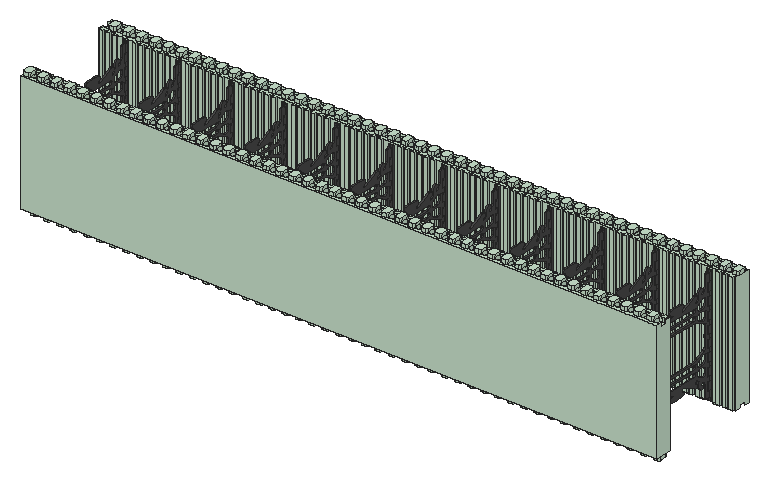
Revit family (continued)
Forms (mm)
  Extrusion 47, void
    sketch origin (2286, -76.261, 0) x (1, 0, 0) y (0, 1, 0)
      loop
        arc (50.8, -101.014) -> (50.362, -98.696) -> (49.108, -96.698) r 6.35
        arc (49.108, -96.698) -> (48.795, -96.199) -> (48.685, -95.62) r 1.588
        line (48.685, -95.62) -> (48.685, -86.829) -> (44.346, -86.829) -> (44.346, -92.457)
        arc (44.346, -92.457) -> (43.786, -93.668) -> (42.5, -94.024) r 1.587
        arc (42.5, -94.024) -> (36.091, -93.737) -> (29.796, -94.972) r 26.988
        arc (29.796, -94.972) -> (26.615, -97.278) -> (25.4, -101.014) r 6.35
        line (25.4, -101.014) -> (25.4, -124.411)
    from 457.2 to 444.5
  Extrusion 48, void
    sketch origin (2336.8, -76.261, 0) x (1, 0, 0) y (0, 1, 0)
      loop
        arc (25.4, -124.411) -> (26.615, -128.147) -> (29.796, -130.453) r 6.35
        arc (29.796, -130.453) -> (38.1, -131.763) -> (46.404, -130.453) r 26.987
        arc (46.404, -130.453) -> (49.585, -128.147) -> (50.8, -124.411) r 6.35
        line (50.8, -124.411) -> (50.8, -101.014)
        arc (50.8, -101.014) -> (50.362, -98.696) -> (49.108, -96.698) r 6.35
        arc (49.108, -96.698) -> (48.795, -96.199) -> (48.685, -95.62) r 1.588
        line (48.685, -95.62) -> (48.685, -86.829) -> (44.346, -86.829) -> (44.346, -92.457)
        arc (44.346, -92.457) -> (43.786, -93.668) -> (42.5, -94.024) r 1.587
        arc (42.5, -94.024) -> (36.091, -93.737) -> (29.796, -94.972) r 26.988
        arc (29.796, -94.972) -> (26.615, -97.278) -> (25.4, -101.014) r 6.35
        line (25.4, -101.014) -> (25.4, -124.411)
    from 457.2 to 444.5
  Extrusion 49, void
    sketch origin (2387.6, -76.261, 0) x (1, 0, 0) y (0, 1, 0)
      loop
        arc (25.4, -124.411) -> (26.615, -128.147) -> (29.796, -130.453) r 6.35
        arc (29.796, -130.453) -> (38.1, -131.763) -> (46.404, -130.453) r 26.987
        arc (46.404, -130.453) -> (49.585, -128.147) -> (50.8, -124.411) r 6.35
        line (50.8, -124.411) -> (50.8, -101.014)
        arc (50.8, -101.014) -> (50.362, -98.696) -> (49.108, -96.698) r 6.35
        arc (49.108, -96.698) -> (48.795, -96.199) -> (48.685, -95.62) r 1.588
        line (48.685, -95.62) -> (48.685, -86.829) -> (44.346, -86.829) -> (44.346, -92.457)
        arc (44.346, -92.457) -> (43.786, -93.668) -> (42.5, -94.024) r 1.587
        arc (42.5, -94.024) -> (36.091, -93.737) -> (29.796, -94.972) r 26.988
        arc (29.796, -94.972) -> (26.615, -97.278) -> (25.4, -101.014) r 6.35
        line (25.4, -101.014) -> (25.4, -124.411)
    from 457.2 to 444.5
  Extrusion 50, void
    sketch origin (2438.4, 76.139, 0) x (-1, 0, 0) y (0, -1, 0)
      loop
        arc (25.4, -124.411) -> (26.615, -128.147) -> (29.796, -130.453) r 6.35
        arc (29.796, -130.453) -> (38.1, -131.763) -> (46.404, -130.453) r 26.987
        arc (46.404, -130.453) -> (49.585, -128.147) -> (50.8, -124.411) r 6.35
        line (50.8, -124.411) -> (50.8, -101.014)
        arc (50.8, -101.014) -> (50.362, -98.696) -> (49.108, -96.698) r 6.35
        arc (49.108, -96.698) -> (48.795, -96.199) -> (48.685, -95.62) r 1.588
        line (48.685, -95.62) -> (48.685, -86.829) -> (44.346, -86.829) -> (44.346, -92.457)
        arc (44.346, -92.457) -> (43.786, -93.668) -> (42.5, -94.024) r 1.587
        arc (42.5, -94.024) -> (36.091, -93.737) -> (29.796, -94.972) r 26.988
        arc (29.796, -94.972) -> (26.615, -97.278) -> (25.4, -101.014) r 6.35
        line (25.4, -101.014) -> (25.4, -124.411)
    from 457.2 to 444.5
  Extrusion 51, void
    sketch origin (2387.6, 76.139, 0) x (-1, 0, 0) y (0, -1, 0)
      loop
        arc (25.4, -124.411) -> (26.615, -128.147) -> (29.796, -130.453) r 6.35
        arc (29.796, -130.453) -> (38.1, -131.763) -> (46.404, -130.453) r 26.987
        arc (46.404, -130.453) -> (49.585, -128.147) -> (50.8, -124.411) r 6.35
        line (50.8, -124.411) -> (50.8, -101.014)
        arc (50.8, -101.014) -> (50.362, -98.696) -> (49.108, -96.698) r 6.35
        arc (49.108, -96.698) -> (48.795, -96.199) -> (48.685, -95.62) r 1.588
        line (48.685, -95.62) -> (48.685, -86.829) -> (44.346, -86.829) -> (44.346, -92.457)
        arc (44.346, -92.457) -> (43.786, -93.668) -> (42.5, -94.024) r 1.587
        arc (42.5, -94.024) -> (36.091, -93.737) -> (29.796, -94.972) r 26.988
        arc (29.796, -94.972) -> (26.615, -97.278) -> (25.4, -101.014) r 6.35
        line (25.4, -101.014) -> (25.4, -124.411)
    from 457.2 to 444.5
  Extrusion 52, void
    sketch origin (2336.8, 76.139, 0) x (-1, 0, 0) y (0, -1, 0)
      loop
        arc (25.4, -124.411) -> (26.615, -128.147) -> (29.796, -130.453) r 6.35
        arc (29.796, -130.453) -> (38.1, -131.763) -> (46.404, -130.453) r 26.987
        arc (46.404, -130.453) -> (49.585, -128.147) -> (50.8, -124.411) r 6.35
        line (50.8, -124.411) -> (50.8, -101.014)
        arc (50.8, -101.014) -> (50.362, -98.696) -> (49.108, -96.698) r 6.35
        arc (49.108, -96.698) -> (48.795, -96.199) -> (48.685, -95.62) r 1.588
        line (48.685, -95.62) -> (48.685, -86.829) -> (44.346, -86.829) -> (44.346, -92.457)
        arc (44.346, -92.457) -> (43.786, -93.668) -> (42.5, -94.024) r 1.587
        arc (42.5, -94.024) -> (36.091, -93.737) -> (29.796, -94.972) r 26.988
        arc (29.796, -94.972) -> (26.615, -97.278) -> (25.4, -101.014) r 6.35
        line (25.4, -101.014) -> (25.4, -124.411)
    from 457.2 to 444.5
  Extrusion 53, void
    sketch origin (2286, 76.139, 0) x (-1, 0, 0) y (0, -1, 0)
      loop
        arc (25.4, -124.411) -> (26.615, -128.147) -> (29.796, -130.453) r 6.35
        arc (29.796, -130.453) -> (38.1, -131.763) -> (46.404, -130.453) r 26.987
        arc (46.404, -130.453) -> (49.585, -128.147) -> (50.8, -124.411) r 6.35
        line (50.8, -124.411) -> (50.8, -101.014)
        arc (50.8, -101.014) -> (50.362, -98.696) -> (49.108, -96.698) r 6.35
        arc (49.108, -96.698) -> (48.795, -96.199) -> (48.685, -95.62) r 1.588
        line (48.685, -95.62) -> (48.685, -86.829) -> (44.346, -86.829) -> (44.346, -92.457)
        arc (44.346, -92.457) -> (43.786, -93.668) -> (42.5, -94.024) r 1.587
        arc (42.5, -94.024) -> (36.091, -93.737) -> (29.796, -94.972) r 26.988
        arc (29.796, -94.972) -> (26.615, -97.278) -> (25.4, -101.014) r 6.35
        line (25.4, -101.014) -> (25.4, -124.411)
    from 457.2 to 444.5
  Extrusion 54, void
    sketch origin (2235.2, 76.139, 0) x (-1, 0, 0) y (0, -1, 0)
      loop
        arc (25.4, -124.411) -> (26.615, -128.147) -> (29.796, -130.453) r 6.35
        arc (29.796, -130.453) -> (38.1, -131.763) -> (46.404, -130.453) r 26.987
        arc (46.404, -130.453) -> (49.585, -128.147) -> (50.8, -124.411) r 6.35
        line (50.8, -124.411) -> (50.8, -101.014)
        arc (50.8, -101.014) -> (50.362, -98.696) -> (49.108, -96.698) r 6.35
        arc (49.108, -96.698) -> (48.795, -96.199) -> (48.685, -95.62) r 1.588
        line (48.685, -95.62) -> (48.685, -86.829) -> (44.346, -86.829) -> (44.346, -92.457)
        arc (44.346, -92.457) -> (43.786, -93.668) -> (42.5, -94.024) r 1.587
        arc (42.5, -94.024) -> (36.091, -93.737) -> (29.796, -94.972) r 26.988
        arc (29.796, -94.972) -> (26.615, -97.278) -> (25.4, -101.014) r 6.35
        line (25.4, -101.014) -> (25.4, -124.411)
    from 457.2 to 444.5
  Extrusion 55, void
    sketch origin (2184.4, 76.139, 0) x (-1, 0, 0) y (0, -1, 0)
      loop
        arc (25.4, -124.411) -> (26.615, -128.147) -> (29.796, -130.453) r 6.35
        arc (29.796, -130.453) -> (38.1, -131.763) -> (46.404, -130.453) r 26.987
        arc (46.404, -130.453) -> (49.585, -128.147) -> (50.8, -124.411) r 6.35
        line (50.8, -124.411) -> (50.8, -101.014)
        arc (50.8, -101.014) -> (50.362, -98.696) -> (49.108, -96.698) r 6.35
        arc (49.108, -96.698) -> (48.795, -96.199) -> (48.685, -95.62) r 1.588
        line (48.685, -95.62) -> (48.685, -86.829) -> (44.346, -86.829) -> (44.346, -92.457)
        arc (44.346, -92.457) -> (43.786, -93.668) -> (42.5, -94.024) r 1.587
        arc (42.5, -94.024) -> (36.091, -93.737) -> (29.796, -94.972) r 26.988
        arc (29.796, -94.972) -> (26.615, -97.278) -> (25.4, -101.014) r 6.35
        line (25.4, -101.014) -> (25.4, -124.411)
    from 457.2 to 444.5
  Extrusion 56, void
    sketch origin (2133.6, 76.139, 0) x (-1, 0, 0) y (0, -1, 0)
      loop
        arc (25.4, -124.411) -> (26.615, -128.147) -> (29.796, -130.453) r 6.35
        arc (29.796, -130.453) -> (38.1, -131.763) -> (46.404, -130.453) r 26.987
        arc (46.404, -130.453) -> (49.585, -128.147) -> (50.8, -124.411) r 6.35
        line (50.8, -124.411) -> (50.8, -101.014)
        arc (50.8, -101.014) -> (50.362, -98.696) -> (49.108, -96.698) r 6.35
        arc (49.108, -96.698) -> (48.795, -96.199) -> (48.685, -95.62) r 1.588
        line (48.685, -95.62) -> (48.685, -86.829) -> (44.346, -86.829) -> (44.346, -92.457)
        arc (44.346, -92.457) -> (43.786, -93.668) -> (42.5, -94.024) r 1.587
        arc (42.5, -94.024) -> (36.091, -93.737) -> (29.796, -94.972) r 26.988
        arc (29.796, -94.972) -> (26.615, -97.278) -> (25.4, -101.014) r 6.35
        line (25.4, -101.014) -> (25.4, -124.411)
    from 457.2 to 444.5
  Extrusion 57, void
    sketch origin (2082.8, 76.139, 0) x (-1, 0, 0) y (0, -1, 0)
      loop
        arc (25.4, -124.411) -> (26.615, -128.147) -> (29.796, -130.453) r 6.35
        arc (29.796, -130.453) -> (38.1, -131.763) -> (46.404, -130.453) r 26.987
        arc (46.404, -130.453) -> (49.585, -128.147) -> (50.8, -124.411) r 6.35
        line (50.8, -124.411) -> (50.8, -101.014)
        arc (50.8, -101.014) -> (50.362, -98.696) -> (49.108, -96.698) r 6.35
        arc (49.108, -96.698) -> (48.795, -96.199) -> (48.685, -95.62) r 1.588
        line (48.685, -95.62) -> (48.685, -86.829) -> (44.346, -86.829) -> (44.346, -92.457)
        arc (44.346, -92.457) -> (43.786, -93.668) -> (42.5, -94.024) r 1.587
        arc (42.5, -94.024) -> (36.091, -93.737) -> (29.796, -94.972) r 26.988
        arc (29.796, -94.972) -> (26.615, -97.278) -> (25.4, -101.014) r 6.35
        line (25.4, -101.014) -> (25.4, -124.411)
    from 457.2 to 444.5
  Extrusion 58, void
    sketch origin (2032, 76.139, 0) x (-1, 0, 0) y (0, -1, 0)
      loop
        arc (25.4, -124.411) -> (26.615, -128.147) -> (29.796, -130.453) r 6.35
        arc (29.796, -130.453) -> (38.1, -131.763) -> (46.404, -130.453) r 26.987
        arc (46.404, -130.453) -> (49.585, -128.147) -> (50.8, -124.411) r 6.35
        line (50.8, -124.411) -> (50.8, -101.014)
        arc (50.8, -101.014) -> (50.362, -98.696) -> (49.108, -96.698) r 6.35
        arc (49.108, -96.698) -> (48.795, -96.199) -> (48.685, -95.62) r 1.588
        line (48.685, -95.62) -> (48.685, -86.829) -> (44.346, -86.829) -> (44.346, -92.457)
        arc (44.346, -92.457) -> (43.786, -93.668) -> (42.5, -94.024) r 1.587
        arc (42.5, -94.024) -> (36.091, -93.737) -> (29.796, -94.972) r 26.988
        arc (29.796, -94.972) -> (26.615, -97.278) -> (25.4, -101.014) r 6.35
        line (25.4, -101.014) -> (25.4, -124.411)
    from 457.2 to 444.5
  Extrusion 59, void
    sketch origin (1981.2, 76.139, 0) x (-1, 0, 0) y (0, -1, 0)
      loop
        arc (25.4, -124.411) -> (26.615, -128.147) -> (29.796, -130.453) r 6.35
        arc (29.796, -130.453) -> (38.1, -131.763) -> (46.404, -130.453) r 26.987
        arc (46.404, -130.453) -> (49.585, -128.147) -> (50.8, -124.411) r 6.35
        line (50.8, -124.411) -> (50.8, -101.014)
        arc (50.8, -101.014) -> (50.362, -98.696) -> (49.108, -96.698) r 6.35
        arc (49.108, -96.698) -> (48.795, -96.199) -> (48.685, -95.62) r 1.588
        line (48.685, -95.62) -> (48.685, -86.829) -> (44.346, -86.829) -> (44.346, -92.457)
        arc (44.346, -92.457) -> (43.786, -93.668) -> (42.5, -94.024) r 1.587
        arc (42.5, -94.024) -> (36.091, -93.737) -> (29.796, -94.972) r 26.988
        arc (29.796, -94.972) -> (26.615, -97.278) -> (25.4, -101.014) r 6.35
        line (25.4, -101.014) -> (25.4, -124.411)
    from 457.2 to 444.5
  Extrusion 60, void
    sketch origin (1930.4, 76.139, 0) x (-1, 0, 0) y (0, -1, 0)
      loop
        arc (25.4, -124.411) -> (26.615, -128.147) -> (29.796, -130.453) r 6.35
        arc (29.796, -130.453) -> (38.1, -131.763) -> (46.404, -130.453) r 26.987
        arc (46.404, -130.453) -> (49.585, -128.147) -> (50.8, -124.411) r 6.35
        line (50.8, -124.411) -> (50.8, -101.014)
        arc (50.8, -101.014) -> (50.362, -98.696) -> (49.108, -96.698) r 6.35
        arc (49.108, -96.698) -> (48.795, -96.199) -> (48.685, -95.62) r 1.588
        line (48.685, -95.62) -> (48.685, -86.829) -> (44.346, -86.829) -> (44.346, -92.457)
        arc (44.346, -92.457) -> (43.786, -93.668) -> (42.5, -94.024) r 1.587
        arc (42.5, -94.024) -> (36.091, -93.737) -> (29.796, -94.972) r 26.988
        arc (29.796, -94.972) -> (26.615, -97.278) -> (25.4, -101.014) r 6.35
        line (25.4, -101.014) -> (25.4, -124.411)
    from 457.2 to 444.5
  Extrusion 61, void
    sketch origin (1879.6, 76.139, 0) x (-1, 0, 0) y (0, -1, 0)
      loop
        arc (25.4, -124.411) -> (26.615, -128.147) -> (29.796, -130.453) r 6.35
        arc (29.796, -130.453) -> (38.1, -131.763) -> (46.404, -130.453) r 26.987
        arc (46.404, -130.453) -> (49.585, -128.147) -> (50.8, -124.411) r 6.35
        line (50.8, -124.411) -> (50.8, -101.014)
        arc (50.8, -101.014) -> (50.362, -98.696) -> (49.108, -96.698) r 6.35
        arc (49.108, -96.698) -> (48.795, -96.199) -> (48.685, -95.62) r 1.588
        line (48.685, -95.62) -> (48.685, -86.829) -> (44.346, -86.829) -> (44.346, -92.457)
        arc (44.346, -92.457) -> (43.786, -93.668) -> (42.5, -94.024) r 1.587
        arc (42.5, -94.024) -> (36.091, -93.737) -> (29.796, -94.972) r 26.988
        arc (29.796, -94.972) -> (26.615, -97.278) -> (25.4, -101.014) r 6.35
        line (25.4, -101.014) -> (25.4, -124.411)
    from 457.2 to 444.5
  Extrusion 62, void
    sketch origin (1828.8, 76.139, 0) x (-1, 0, 0) y (0, -1, 0)
      loop
        arc (25.4, -124.411) -> (26.615, -128.147) -> (29.796, -130.453) r 6.35
        arc (29.796, -130.453) -> (38.1, -131.763) -> (46.404, -130.453) r 26.987
        arc (46.404, -130.453) -> (49.585, -128.147) -> (50.8, -124.411) r 6.35
        line (50.8, -124.411) -> (50.8, -101.014)
        arc (50.8, -101.014) -> (50.362, -98.696) -> (49.108, -96.698) r 6.35
        arc (49.108, -96.698) -> (48.795, -96.199) -> (48.685, -95.62) r 1.588
        line (48.685, -95.62) -> (48.685, -86.829) -> (44.346, -86.829) -> (44.346, -92.457)
        arc (44.346, -92.457) -> (43.786, -93.668) -> (42.5, -94.024) r 1.587
        arc (42.5, -94.024) -> (36.091, -93.737) -> (29.796, -94.972) r 26.988
        arc (29.796, -94.972) -> (26.615, -97.278) -> (25.4, -101.014) r 6.35
        line (25.4, -101.014) -> (25.4, -124.411)
    from 457.2 to 444.5
  Extrusion 63, void
    sketch origin (1778, 76.139, 0) x (-1, 0, 0) y (0, -1, 0)
      loop
        arc (25.4, -124.411) -> (26.615, -128.147) -> (29.796, -130.453) r 6.35
        arc (29.796, -130.453) -> (38.1, -131.763) -> (46.404, -130.453) r 26.987
        arc (46.404, -130.453) -> (49.585, -128.147) -> (50.8, -124.411) r 6.35
        line (50.8, -124.411) -> (50.8, -101.014)
        arc (50.8, -101.014) -> (50.362, -98.696) -> (49.108, -96.698) r 6.35
        arc (49.108, -96.698) -> (48.795, -96.199) -> (48.685, -95.62) r 1.588
        line (48.685, -95.62) -> (48.685, -86.829) -> (44.346, -86.829) -> (44.346, -92.457)
        arc (44.346, -92.457) -> (43.786, -93.668) -> (42.5, -94.024) r 1.587
        arc (42.5, -94.024) -> (36.091, -93.737) -> (29.796, -94.972) r 26.988
        arc (29.796, -94.972) -> (26.615, -97.278) -> (25.4, -101.014) r 6.35
        line (25.4, -101.014) -> (25.4, -124.411)
    from 457.2 to 444.5
  Extrusion 64, void
    sketch origin (1727.2, 76.139, 0) x (-1, 0, 0) y (0, -1, 0)
      loop
        arc (25.4, -124.411) -> (26.615, -128.147) -> (29.796, -130.453) r 6.35
        arc (29.796, -130.453) -> (38.1, -131.763) -> (46.404, -130.453) r 26.987
        arc (46.404, -130.453) -> (49.585, -128.147) -> (50.8, -124.411) r 6.35
        line (50.8, -124.411) -> (50.8, -101.014)
        arc (50.8, -101.014) -> (50.362, -98.696) -> (49.108, -96.698) r 6.35
        arc (49.108, -96.698) -> (48.795, -96.199) -> (48.685, -95.62) r 1.588
        line (48.685, -95.62) -> (48.685, -86.829) -> (44.346, -86.829) -> (44.346, -92.457)
        arc (44.346, -92.457) -> (43.786, -93.668) -> (42.5, -94.024) r 1.587
        arc (42.5, -94.024) -> (36.091, -93.737) -> (29.796, -94.972) r 26.988
        arc (29.796, -94.972) -> (26.615, -97.278) -> (25.4, -101.014) r 6.35
        line (25.4, -101.014) -> (25.4, -124.411)
    from 457.2 to 444.5
  Extrusion 65, void
    sketch origin (1676.4, 76.139, 0) x (-1, 0, 0) y (0, -1, 0)
      loop
        arc (25.4, -124.411) -> (26.615, -128.147) -> (29.796, -130.453) r 6.35
        arc (29.796, -130.453) -> (38.1, -131.763) -> (46.404, -130.453) r 26.987
        arc (46.404, -130.453) -> (49.585, -128.147) -> (50.8, -124.411) r 6.35
        line (50.8, -124.411) -> (50.8, -101.014)
        arc (50.8, -101.014) -> (50.362, -98.696) -> (49.108, -96.698) r 6.35
        arc (49.108, -96.698) -> (48.795, -96.199) -> (48.685, -95.62) r 1.588
        line (48.685, -95.62) -> (48.685, -86.829) -> (44.346, -86.829) -> (44.346, -92.457)
        arc (44.346, -92.457) -> (43.786, -93.668) -> (42.5, -94.024) r 1.587
        arc (42.5, -94.024) -> (36.091, -93.737) -> (29.796, -94.972) r 26.988
        arc (29.796, -94.972) -> (26.615, -97.278) -> (25.4, -101.014) r 6.35
        line (25.4, -101.014) -> (25.4, -124.411)
    from 457.2 to 444.5
  Extrusion 66, void
    sketch origin (1625.6, 76.139, 0) x (-1, 0, 0) y (0, -1, 0)
      loop
        arc (25.4, -124.411) -> (26.615, -128.147) -> (29.796, -130.453) r 6.35
        arc (29.796, -130.453) -> (38.1, -131.763) -> (46.404, -130.453) r 26.987
        arc (46.404, -130.453) -> (49.585, -128.147) -> (50.8, -124.411) r 6.35
        line (50.8, -124.411) -> (50.8, -101.014)
        arc (50.8, -101.014) -> (50.362, -98.696) -> (49.108, -96.698) r 6.35
        arc (49.108, -96.698) -> (48.795, -96.199) -> (48.685, -95.62) r 1.588
        line (48.685, -95.62) -> (48.685, -86.829) -> (44.346, -86.829) -> (44.346, -92.457)
        arc (44.346, -92.457) -> (43.786, -93.668) -> (42.5, -94.024) r 1.587
        arc (42.5, -94.024) -> (36.091, -93.737) -> (29.796, -94.972) r 26.988
        arc (29.796, -94.972) -> (26.615, -97.278) -> (25.4, -101.014) r 6.35
        line (25.4, -101.014) -> (25.4, -124.411)
    from 457.2 to 444.5
  Extrusion 67, void
    sketch origin (1574.8, 76.139, 0) x (-1, 0, 0) y (0, -1, 0)
      loop
        arc (25.4, -124.411) -> (26.615, -128.147) -> (29.796, -130.453) r 6.35
        arc (29.796, -130.453) -> (38.1, -131.763) -> (46.404, -130.453) r 26.987
        arc (46.404, -130.453) -> (49.585, -128.147) -> (50.8, -124.411) r 6.35
        line (50.8, -124.411) -> (50.8, -101.014)
        arc (50.8, -101.014) -> (50.362, -98.696) -> (49.108, -96.698) r 6.35
        arc (49.108, -96.698) -> (48.795, -96.199) -> (48.685, -95.62) r 1.588
        line (48.685, -95.62) -> (48.685, -86.829) -> (44.346, -86.829) -> (44.346, -92.457)
        arc (44.346, -92.457) -> (43.786, -93.668) -> (42.5, -94.024) r 1.587
        arc (42.5, -94.024) -> (36.091, -93.737) -> (29.796, -94.972) r 26.988
        arc (29.796, -94.972) -> (26.615, -97.278) -> (25.4, -101.014) r 6.35
        line (25.4, -101.014) -> (25.4, -124.411)
    from 457.2 to 444.5
  Extrusion 68, void
    sketch origin (1524, 76.139, 0) x (-1, 0, 0) y (0, -1, 0)
      loop
        arc (25.4, -124.411) -> (26.615, -128.147) -> (29.796, -130.453) r 6.35
        arc (29.796, -130.453) -> (38.1, -131.763) -> (46.404, -130.453) r 26.987
        arc (46.404, -130.453) -> (49.585, -128.147) -> (50.8, -124.411) r 6.35
        line (50.8, -124.411) -> (50.8, -101.014)
        arc (50.8, -101.014) -> (50.362, -98.696) -> (49.108, -96.698) r 6.35
        arc (49.108, -96.698) -> (48.795, -96.199) -> (48.685, -95.62) r 1.588
        line (48.685, -95.62) -> (48.685, -86.829) -> (44.346, -86.829) -> (44.346, -92.457)
        arc (44.346, -92.457) -> (43.786, -93.668) -> (42.5, -94.024) r 1.587
        arc (42.5, -94.024) -> (36.091, -93.737) -> (29.796, -94.972) r 26.988
        arc (29.796, -94.972) -> (26.615, -97.278) -> (25.4, -101.014) r 6.35
        line (25.4, -101.014) -> (25.4, -124.411)
    from 457.2 to 444.5
  Extrusion 69, void
    sketch origin (1473.2, 76.139, 0) x (-1, 0, 0) y (0, -1, 0)
      loop
        arc (25.4, -124.411) -> (26.615, -128.147) -> (29.796, -130.453) r 6.35
        arc (29.796, -130.453) -> (38.1, -131.763) -> (46.404, -130.453) r 26.987
        arc (46.404, -130.453) -> (49.585, -128.147) -> (50.8, -124.411) r 6.35
        line (50.8, -124.411) -> (50.8, -101.014)
        arc (50.8, -101.014) -> (50.362, -98.696) -> (49.108, -96.698) r 6.35
        arc (49.108, -96.698) -> (48.795, -96.199) -> (48.685, -95.62) r 1.588
        line (48.685, -95.62) -> (48.685, -86.829) -> (44.346, -86.829) -> (44.346, -92.457)
        arc (44.346, -92.457) -> (43.786, -93.668) -> (42.5, -94.024) r 1.587
        arc (42.5, -94.024) -> (36.091, -93.737) -> (29.796, -94.972) r 26.988
        arc (29.796, -94.972) -> (26.615, -97.278) -> (25.4, -101.014) r 6.35
        line (25.4, -101.014) -> (25.4, -124.411)
    from 457.2 to 444.5
  Extrusion 70, void
    sketch origin (1422.4, 76.139, 0) x (-1, 0, 0) y (0, -1, 0)
      loop
        arc (25.4, -124.411) -> (26.615, -128.147) -> (29.796, -130.453) r 6.35
        arc (29.796, -130.453) -> (38.1, -131.763) -> (46.404, -130.453) r 26.987
        arc (46.404, -130.453) -> (49.585, -128.147) -> (50.8, -124.411) r 6.35
        line (50.8, -124.411) -> (50.8, -101.014)
        arc (50.8, -101.014) -> (50.362, -98.696) -> (49.108, -96.698) r 6.35
        arc (49.108, -96.698) -> (48.795, -96.199) -> (48.685, -95.62) r 1.588
        line (48.685, -95.62) -> (48.685, -86.829) -> (44.346, -86.829) -> (44.346, -92.457)
        arc (44.346, -92.457) -> (43.786, -93.668) -> (42.5, -94.024) r 1.587
        arc (42.5, -94.024) -> (36.091, -93.737) -> (29.796, -94.972) r 26.988
        arc (29.796, -94.972) -> (26.615, -97.278) -> (25.4, -101.014) r 6.35
        line (25.4, -101.014) -> (25.4, -124.411)
    from 457.2 to 444.5
  Extrusion 71, void
    sketch origin (1371.6, 76.139, 0) x (-1, 0, 0) y (0, -1, 0)
      loop
        arc (25.4, -124.411) -> (26.615, -128.147) -> (29.796, -130.453) r 6.35
        arc (29.796, -130.453) -> (38.1, -131.763) -> (46.404, -130.453) r 26.987
        arc (46.404, -130.453) -> (49.585, -128.147) -> (50.8, -124.411) r 6.35
        line (50.8, -124.411) -> (50.8, -101.014)
        arc (50.8, -101.014) -> (50.362, -98.696) -> (49.108, -96.698) r 6.35
        arc (49.108, -96.698) -> (48.795, -96.199) -> (48.685, -95.62) r 1.588
        line (48.685, -95.62) -> (48.685, -86.829) -> (44.346, -86.829) -> (44.346, -92.457)
        arc (44.346, -92.457) -> (43.786, -93.668) -> (42.5, -94.024) r 1.587
        arc (42.5, -94.024) -> (36.091, -93.737) -> (29.796, -94.972) r 26.988
        arc (29.796, -94.972) -> (26.615, -97.278) -> (25.4, -101.014) r 6.35
        line (25.4, -101.014) -> (25.4, -124.411)
    from 457.2 to 444.5
  Extrusion 72, void
    sketch origin (1320.8, 76.139, 0) x (-1, 0, 0) y (0, -1, 0)
      loop
        arc (25.4, -124.411) -> (26.615, -128.147) -> (29.796, -130.453) r 6.35
        arc (29.796, -130.453) -> (38.1, -131.763) -> (46.404, -130.453) r 26.987
        arc (46.404, -130.453) -> (49.585, -128.147) -> (50.8, -124.411) r 6.35
        line (50.8, -124.411) -> (50.8, -101.014)
        arc (50.8, -101.014) -> (50.362, -98.696) -> (49.108, -96.698) r 6.35
        arc (49.108, -96.698) -> (48.795, -96.199) -> (48.685, -95.62) r 1.588
        line (48.685, -95.62) -> (48.685, -86.829) -> (44.346, -86.829) -> (44.346, -92.457)
        arc (44.346, -92.457) -> (43.786, -93.668) -> (42.5, -94.024) r 1.587
        arc (42.5, -94.024) -> (36.091, -93.737) -> (29.796, -94.972) r 26.988
        arc (29.796, -94.972) -> (26.615, -97.278) -> (25.4, -101.014) r 6.35
        line (25.4, -101.014) -> (25.4, -124.411)
    from 457.2 to 444.5
  Extrusion 73, void
    sketch origin (1270, 76.139, 0) x (-1, 0, 0) y (0, -1, 0)
      loop
        arc (25.4, -124.411) -> (26.615, -128.147) -> (29.796, -130.453) r 6.35
        arc (29.796, -130.453) -> (38.1, -131.763) -> (46.404, -130.453) r 26.987
        arc (46.404, -130.453) -> (49.585, -128.147) -> (50.8, -124.411) r 6.35
        line (50.8, -124.411) -> (50.8, -101.014)
        arc (50.8, -101.014) -> (50.362, -98.696) -> (49.108, -96.698) r 6.35
        arc (49.108, -96.698) -> (48.795, -96.199) -> (48.685, -95.62) r 1.588
        line (48.685, -95.62) -> (48.685, -86.829) -> (44.346, -86.829) -> (44.346, -92.457)
        arc (44.346, -92.457) -> (43.786, -93.668) -> (42.5, -94.024) r 1.587
        arc (42.5, -94.024) -> (36.091, -93.737) -> (29.796, -94.972) r 26.988
        arc (29.796, -94.972) -> (26.615, -97.278) -> (25.4, -101.014) r 6.35
        line (25.4, -101.014) -> (25.4, -124.411)
    from 457.2 to 444.5
  Extrusion 74, void
    sketch origin (1219.2, 76.139, 0) x (-1, 0, 0) y (0, -1, 0)
      loop
        arc (25.4, -124.411) -> (26.615, -128.147) -> (29.796, -130.453) r 6.35
        arc (29.796, -130.453) -> (38.1, -131.763) -> (46.404, -130.453) r 26.987
        arc (46.404, -130.453) -> (49.585, -128.147) -> (50.8, -124.411) r 6.35
        line (50.8, -124.411) -> (50.8, -101.014)
        arc (50.8, -101.014) -> (50.362, -98.696) -> (49.108, -96.698) r 6.35
        arc (49.108, -96.698) -> (48.795, -96.199) -> (48.685, -95.62) r 1.588
        line (48.685, -95.62) -> (48.685, -86.829) -> (44.346, -86.829) -> (44.346, -92.457)
        arc (44.346, -92.457) -> (43.786, -93.668) -> (42.5, -94.024) r 1.587
        arc (42.5, -94.024) -> (36.091, -93.737) -> (29.796, -94.972) r 26.988
        arc (29.796, -94.972) -> (26.615, -97.278) -> (25.4, -101.014) r 6.35
        line (25.4, -101.014) -> (25.4, -124.411)
    from 457.2 to 444.5
  Extrusion 75, void
    sketch origin (1168.4, 76.139, 0) x (-1, 0, 0) y (0, -1, 0)
      loop
        arc (25.4, -124.411) -> (26.615, -128.147) -> (29.796, -130.453) r 6.35
        arc (29.796, -130.453) -> (38.1, -131.763) -> (46.404, -130.453) r 26.987
        arc (46.404, -130.453) -> (49.585, -128.147) -> (50.8, -124.411) r 6.35
        line (50.8, -124.411) -> (50.8, -101.014)
        arc (50.8, -101.014) -> (50.362, -98.696) -> (49.108, -96.698) r 6.35
        arc (49.108, -96.698) -> (48.795, -96.199) -> (48.685, -95.62) r 1.588
        line (48.685, -95.62) -> (48.685, -86.829) -> (44.346, -86.829) -> (44.346, -92.457)
        arc (44.346, -92.457) -> (43.786, -93.668) -> (42.5, -94.024) r 1.587
        arc (42.5, -94.024) -> (36.091, -93.737) -> (29.796, -94.972) r 26.988
        arc (29.796, -94.972) -> (26.615, -97.278) -> (25.4, -101.014) r 6.35
        line (25.4, -101.014) -> (25.4, -124.411)
    from 457.2 to 444.5
  Extrusion 76, void
    sketch origin (1117.6, 76.139, 0) x (-1, 0, 0) y (0, -1, 0)
      loop
        arc (25.4, -124.411) -> (26.615, -128.147) -> (29.796, -130.453) r 6.35
        arc (29.796, -130.453) -> (38.1, -131.763) -> (46.404, -130.453) r 26.987
        arc (46.404, -130.453) -> (49.585, -128.147) -> (50.8, -124.411) r 6.35
        line (50.8, -124.411) -> (50.8, -101.014)
        arc (50.8, -101.014) -> (50.362, -98.696) -> (49.108, -96.698) r 6.35
        arc (49.108, -96.698) -> (48.795, -96.199) -> (48.685, -95.62) r 1.588
        line (48.685, -95.62) -> (48.685, -86.829) -> (44.346, -86.829) -> (44.346, -92.457)
        arc (44.346, -92.457) -> (43.786, -93.668) -> (42.5, -94.024) r 1.587
        arc (42.5, -94.024) -> (36.091, -93.737) -> (29.796, -94.972) r 26.988
        arc (29.796, -94.972) -> (26.615, -97.278) -> (25.4, -101.014) r 6.35
        line (25.4, -101.014) -> (25.4, -124.411)
    from 457.2 to 444.5
  Extrusion 77, void
    sketch origin (1066.8, 76.139, 0) x (-1, 0, 0) y (0, -1, 0)
      loop
        arc (25.4, -124.411) -> (26.615, -128.147) -> (29.796, -130.453) r 6.35
        arc (29.796, -130.453) -> (38.1, -131.763) -> (46.404, -130.453) r 26.987
        arc (46.404, -130.453) -> (49.585, -128.147) -> (50.8, -124.411) r 6.35
        line (50.8, -124.411) -> (50.8, -101.014)
        arc (50.8, -101.014) -> (50.362, -98.696) -> (49.108, -96.698) r 6.35
        arc (49.108, -96.698) -> (48.795, -96.199) -> (48.685, -95.62) r 1.588
        line (48.685, -95.62) -> (48.685, -86.829) -> (44.346, -86.829) -> (44.346, -92.457)
        arc (44.346, -92.457) -> (43.786, -93.668) -> (42.5, -94.024) r 1.587
        arc (42.5, -94.024) -> (36.091, -93.737) -> (29.796, -94.972) r 26.988
        arc (29.796, -94.972) -> (26.615, -97.278) -> (25.4, -101.014) r 6.35
        line (25.4, -101.014) -> (25.4, -124.411)
    from 457.2 to 444.5
  Extrusion 78, void
    sketch origin (1016, 76.139, 0) x (-1, 0, 0) y (0, -1, 0)
      loop
        arc (25.4, -124.411) -> (26.615, -128.147) -> (29.796, -130.453) r 6.35
        arc (29.796, -130.453) -> (38.1, -131.763) -> (46.404, -130.453) r 26.987
        arc (46.404, -130.453) -> (49.585, -128.147) -> (50.8, -124.411) r 6.35
        line (50.8, -124.411) -> (50.8, -101.014)
        arc (50.8, -101.014) -> (50.362, -98.696) -> (49.108, -96.698) r 6.35
        arc (49.108, -96.698) -> (48.795, -96.199) -> (48.685, -95.62) r 1.588
        line (48.685, -95.62) -> (48.685, -86.829) -> (44.346, -86.829) -> (44.346, -92.457)
        arc (44.346, -92.457) -> (43.786, -93.668) -> (42.5, -94.024) r 1.587
        arc (42.5, -94.024) -> (36.091, -93.737) -> (29.796, -94.972) r 26.988
        arc (29.796, -94.972) -> (26.615, -97.278) -> (25.4, -101.014) r 6.35
        line (25.4, -101.014) -> (25.4, -124.411)
    from 457.2 to 444.5
  Extrusion 79, void
    sketch origin (965.2, 76.139, 0) x (-1, 0, 0) y (0, -1, 0)
      loop
        arc (25.4, -124.411) -> (26.615, -128.147) -> (29.796, -130.453) r 6.35
        arc (29.796, -130.453) -> (38.1, -131.763) -> (46.404, -130.453) r 26.987
        arc (46.404, -130.453) -> (49.585, -128.147) -> (50.8, -124.411) r 6.35
        line (50.8, -124.411) -> (50.8, -101.014)
        arc (50.8, -101.014) -> (50.362, -98.696) -> (49.108, -96.698) r 6.35
        arc (49.108, -96.698) -> (48.795, -96.199) -> (48.685, -95.62) r 1.588
        line (48.685, -95.62) -> (48.685, -86.829) -> (44.346, -86.829) -> (44.346, -92.457)
        arc (44.346, -92.457) -> (43.786, -93.668) -> (42.5, -94.024) r 1.587
        arc (42.5, -94.024) -> (36.091, -93.737) -> (29.796, -94.972) r 26.988
        arc (29.796, -94.972) -> (26.615, -97.278) -> (25.4, -101.014) r 6.35
        line (25.4, -101.014) -> (25.4, -124.411)
    from 457.2 to 444.5
  Extrusion 80, void
    sketch origin (914.4, 76.139, 0) x (-1, 0, 0) y (0, -1, 0)
      loop
        arc (25.4, -124.411) -> (26.615, -128.147) -> (29.796, -130.453) r 6.35
        arc (29.796, -130.453) -> (38.1, -131.763) -> (46.404, -130.453) r 26.987
        arc (46.404, -130.453) -> (49.585, -128.147) -> (50.8, -124.411) r 6.35
        line (50.8, -124.411) -> (50.8, -101.014)
        arc (50.8, -101.014) -> (50.362, -98.696) -> (49.108, -96.698) r 6.35
        arc (49.108, -96.698) -> (48.795, -96.199) -> (48.685, -95.62) r 1.588
        line (48.685, -95.62) -> (48.685, -86.829) -> (44.346, -86.829) -> (44.346, -92.457)
        arc (44.346, -92.457) -> (43.786, -93.668) -> (42.5, -94.024) r 1.587
        arc (42.5, -94.024) -> (36.091, -93.737) -> (29.796, -94.972) r 26.988
        arc (29.796, -94.972) -> (26.615, -97.278) -> (25.4, -101.014) r 6.35
        line (25.4, -101.014) -> (25.4, -124.411)
    from 457.2 to 444.5
  Extrusion 81, void
    sketch origin (863.6, 76.139, 0) x (-1, 0, 0) y (0, -1, 0)
      loop
        arc (25.4, -124.411) -> (26.615, -128.147) -> (29.796, -130.453) r 6.35
        arc (29.796, -130.453) -> (38.1, -131.763) -> (46.404, -130.453) r 26.987
        arc (46.404, -130.453) -> (49.585, -128.147) -> (50.8, -124.411) r 6.35
        line (50.8, -124.411) -> (50.8, -101.014)
        arc (50.8, -101.014) -> (50.362, -98.696) -> (49.108, -96.698) r 6.35
        arc (49.108, -96.698) -> (48.795, -96.199) -> (48.685, -95.62) r 1.588
        line (48.685, -95.62) -> (48.685, -86.829) -> (44.346, -86.829) -> (44.346, -92.457)
        arc (44.346, -92.457) -> (43.786, -93.668) -> (42.5, -94.024) r 1.587
        arc (42.5, -94.024) -> (36.091, -93.737) -> (29.796, -94.972) r 26.988
        arc (29.796, -94.972) -> (26.615, -97.278) -> (25.4, -101.014) r 6.35
        line (25.4, -101.014) -> (25.4, -124.411)
    from 457.2 to 444.5
  Extrusion 82, void
    sketch origin (812.8, 76.139, 0) x (-1, 0, 0) y (0, -1, 0)
      loop
        arc (25.4, -124.411) -> (26.615, -128.147) -> (29.796, -130.453) r 6.35
        arc (29.796, -130.453) -> (38.1, -131.763) -> (46.404, -130.453) r 26.987
        arc (46.404, -130.453) -> (49.585, -128.147) -> (50.8, -124.411) r 6.35
        line (50.8, -124.411) -> (50.8, -101.014)
        arc (50.8, -101.014) -> (50.362, -98.696) -> (49.108, -96.698) r 6.35
        arc (49.108, -96.698) -> (48.795, -96.199) -> (48.685, -95.62) r 1.588
        line (48.685, -95.62) -> (48.685, -86.829) -> (44.346, -86.829) -> (44.346, -92.457)
        arc (44.346, -92.457) -> (43.786, -93.668) -> (42.5, -94.024) r 1.587
        arc (42.5, -94.024) -> (36.091, -93.737) -> (29.796, -94.972) r 26.988
        arc (29.796, -94.972) -> (26.615, -97.278) -> (25.4, -101.014) r 6.35
        line (25.4, -101.014) -> (25.4, -124.411)
    from 457.2 to 444.5
  Extrusion 83, void
    sketch origin (762, 76.139, 0) x (-1, 0, 0) y (0, -1, 0)
      loop
        arc (25.4, -124.411) -> (26.615, -128.147) -> (29.796, -130.453) r 6.35
        arc (29.796, -130.453) -> (38.1, -131.763) -> (46.404, -130.453) r 26.987
        arc (46.404, -130.453) -> (49.585, -128.147) -> (50.8, -124.411) r 6.35
        line (50.8, -124.411) -> (50.8, -101.014)
        arc (50.8, -101.014) -> (50.362, -98.696) -> (49.108, -96.698) r 6.35
        arc (49.108, -96.698) -> (48.795, -96.199) -> (48.685, -95.62) r 1.588
        line (48.685, -95.62) -> (48.685, -86.829) -> (44.346, -86.829) -> (44.346, -92.457)
        arc (44.346, -92.457) -> (43.786, -93.668) -> (42.5, -94.024) r 1.587
        arc (42.5, -94.024) -> (36.091, -93.737) -> (29.796, -94.972) r 26.988
        arc (29.796, -94.972) -> (26.615, -97.278) -> (25.4, -101.014) r 6.35
        line (25.4, -101.014) -> (25.4, -124.411)
    from 457.2 to 444.5
  Extrusion 84, void
    sketch origin (711.2, 76.139, 0) x (-1, 0, 0) y (0, -1, 0)
      loop
        arc (25.4, -124.411) -> (26.615, -128.147) -> (29.796, -130.453) r 6.35
        arc (29.796, -130.453) -> (38.1, -131.763) -> (46.404, -130.453) r 26.987
        arc (46.404, -130.453) -> (49.585, -128.147) -> (50.8, -124.411) r 6.35
        line (50.8, -124.411) -> (50.8, -101.014)
        arc (50.8, -101.014) -> (50.362, -98.696) -> (49.108, -96.698) r 6.35
        arc (49.108, -96.698) -> (48.795, -96.199) -> (48.685, -95.62) r 1.588
        line (48.685, -95.62) -> (48.685, -86.829) -> (44.346, -86.829) -> (44.346, -92.457)
        arc (44.346, -92.457) -> (43.786, -93.668) -> (42.5, -94.024) r 1.587
        arc (42.5, -94.024) -> (36.091, -93.737) -> (29.796, -94.972) r 26.988
        arc (29.796, -94.972) -> (26.615, -97.278) -> (25.4, -101.014) r 6.35
        line (25.4, -101.014) -> (25.4, -124.411)
    from 457.2 to 444.5
  Extrusion 85, void
    sketch origin (660.4, 76.139, 0) x (-1, 0, 0) y (0, -1, 0)
      loop
        arc (25.4, -124.411) -> (26.615, -128.147) -> (29.796, -130.453) r 6.35
        arc (29.796, -130.453) -> (38.1, -131.763) -> (46.404, -130.453) r 26.987
        arc (46.404, -130.453) -> (49.585, -128.147) -> (50.8, -124.411) r 6.35
        line (50.8, -124.411) -> (50.8, -101.014)
        arc (50.8, -101.014) -> (50.362, -98.696) -> (49.108, -96.698) r 6.35
        arc (49.108, -96.698) -> (48.795, -96.199) -> (48.685, -95.62) r 1.588
        line (48.685, -95.62) -> (48.685, -86.829) -> (44.346, -86.829) -> (44.346, -92.457)
        arc (44.346, -92.457) -> (43.786, -93.668) -> (42.5, -94.024) r 1.587
        arc (42.5, -94.024) -> (36.091, -93.737) -> (29.796, -94.972) r 26.988
        arc (29.796, -94.972) -> (26.615, -97.278) -> (25.4, -101.014) r 6.35
        line (25.4, -101.014) -> (25.4, -124.411)
    from 457.2 to 444.5
  Extrusion 86, void
    sketch origin (609.6, 76.139, 0) x (-1, 0, 0) y (0, -1, 0)
      loop
        arc (25.4, -124.411) -> (26.615, -128.147) -> (29.796, -130.453) r 6.35
        arc (29.796, -130.453) -> (38.1, -131.763) -> (46.404, -130.453) r 26.987
        arc (46.404, -130.453) -> (49.585, -128.147) -> (50.8, -124.411) r 6.35
        line (50.8, -124.411) -> (50.8, -101.014)
        arc (50.8, -101.014) -> (50.362, -98.696) -> (49.108, -96.698) r 6.35
        arc (49.108, -96.698) -> (48.795, -96.199) -> (48.685, -95.62) r 1.588
        line (48.685, -95.62) -> (48.685, -86.829) -> (44.346, -86.829) -> (44.346, -92.457)
        arc (44.346, -92.457) -> (43.786, -93.668) -> (42.5, -94.024) r 1.587
        arc (42.5, -94.024) -> (36.091, -93.737) -> (29.796, -94.972) r 26.988
        arc (29.796, -94.972) -> (26.615, -97.278) -> (25.4, -101.014) r 6.35
        line (25.4, -101.014) -> (25.4, -124.411)
    from 457.2 to 444.5
  Extrusion 87, void
    sketch origin (558.8, 76.139, 0) x (-1, 0, 0) y (0, -1, 0)
      loop
        arc (25.4, -124.411) -> (26.615, -128.147) -> (29.796, -130.453) r 6.35
        arc (29.796, -130.453) -> (38.1, -131.763) -> (46.404, -130.453) r 26.987
        arc (46.404, -130.453) -> (49.585, -128.147) -> (50.8, -124.411) r 6.35
        line (50.8, -124.411) -> (50.8, -101.014)
        arc (50.8, -101.014) -> (50.362, -98.696) -> (49.108, -96.698) r 6.35
        arc (49.108, -96.698) -> (48.795, -96.199) -> (48.685, -95.62) r 1.588
        line (48.685, -95.62) -> (48.685, -86.829) -> (44.346, -86.829) -> (44.346, -92.457)
        arc (44.346, -92.457) -> (43.786, -93.668) -> (42.5, -94.024) r 1.587
        arc (42.5, -94.024) -> (36.091, -93.737) -> (29.796, -94.972) r 26.988
        arc (29.796, -94.972) -> (26.615, -97.278) -> (25.4, -101.014) r 6.35
        line (25.4, -101.014) -> (25.4, -124.411)
    from 457.2 to 444.5
  Extrusion 88, void
    sketch origin (508, 76.139, 0) x (-1, 0, 0) y (0, -1, 0)
      loop
        arc (25.4, -124.411) -> (26.615, -128.147) -> (29.796, -130.453) r 6.35
        arc (29.796, -130.453) -> (38.1, -131.763) -> (46.404, -130.453) r 26.987
        arc (46.404, -130.453) -> (49.585, -128.147) -> (50.8, -124.411) r 6.35
        line (50.8, -124.411) -> (50.8, -101.014)
        arc (50.8, -101.014) -> (50.362, -98.696) -> (49.108, -96.698) r 6.35
        arc (49.108, -96.698) -> (48.795, -96.199) -> (48.685, -95.62) r 1.588
        line (48.685, -95.62) -> (48.685, -86.829) -> (44.346, -86.829) -> (44.346, -92.457)
        arc (44.346, -92.457) -> (43.786, -93.668) -> (42.5, -94.024) r 1.587
        arc (42.5, -94.024) -> (36.091, -93.737) -> (29.796, -94.972) r 26.988
        arc (29.796, -94.972) -> (26.615, -97.278) -> (25.4, -101.014) r 6.35
        line (25.4, -101.014) -> (25.4, -124.411)
    from 457.2 to 444.5
  Extrusion 89, void
    sketch origin (457.2, 76.139, 0) x (-1, 0, 0) y (0, -1, 0)
      loop
        arc (25.4, -124.411) -> (26.615, -128.147) -> (29.796, -130.453) r 6.35
        arc (29.796, -130.453) -> (38.1, -131.763) -> (46.404, -130.453) r 26.987
        arc (46.404, -130.453) -> (49.585, -128.147) -> (50.8, -124.411) r 6.35
        line (50.8, -124.411) -> (50.8, -101.014)
        arc (50.8, -101.014) -> (50.362, -98.696) -> (49.108, -96.698) r 6.35
        arc (49.108, -96.698) -> (48.795, -96.199) -> (48.685, -95.62) r 1.588
        line (48.685, -95.62) -> (48.685, -86.829) -> (44.346, -86.829) -> (44.346, -92.457)
        arc (44.346, -92.457) -> (43.786, -93.668) -> (42.5, -94.024) r 1.587
        arc (42.5, -94.024) -> (36.091, -93.737) -> (29.796, -94.972) r 26.988
        arc (29.796, -94.972) -> (26.615, -97.278) -> (25.4, -101.014) r 6.35
        line (25.4, -101.014) -> (25.4, -124.411)
    from 457.2 to 444.5
  Extrusion 90, void
    sketch origin (406.4, 76.139, 0) x (-1, 0, 0) y (0, -1, 0)
      loop
        arc (25.4, -124.411) -> (26.615, -128.147) -> (29.796, -130.453) r 6.35
        arc (29.796, -130.453) -> (38.1, -131.763) -> (46.404, -130.453) r 26.987
        arc (46.404, -130.453) -> (49.585, -128.147) -> (50.8, -124.411) r 6.35
        line (50.8, -124.411) -> (50.8, -101.014)
        arc (50.8, -101.014) -> (50.362, -98.696) -> (49.108, -96.698) r 6.35
        arc (49.108, -96.698) -> (48.795, -96.199) -> (48.685, -95.62) r 1.588
        line (48.685, -95.62) -> (48.685, -86.829) -> (44.346, -86.829) -> (44.346, -92.457)
        arc (44.346, -92.457) -> (43.786, -93.668) -> (42.5, -94.024) r 1.587
        arc (42.5, -94.024) -> (36.091, -93.737) -> (29.796, -94.972) r 26.988
        arc (29.796, -94.972) -> (26.615, -97.278) -> (25.4, -101.014) r 6.35
        line (25.4, -101.014) -> (25.4, -124.411)
    from 457.2 to 444.5
  Extrusion 91, void
    sketch origin (355.6, 76.139, 0) x (-1, 0, 0) y (0, -1, 0)
      loop
        arc (25.4, -124.411) -> (26.615, -128.147) -> (29.796, -130.453) r 6.35
        arc (29.796, -130.453) -> (38.1, -131.763) -> (46.404, -130.453) r 26.987
        arc (46.404, -130.453) -> (49.585, -128.147) -> (50.8, -124.411) r 6.35
        line (50.8, -124.411) -> (50.8, -101.014)
        arc (50.8, -101.014) -> (50.362, -98.696) -> (49.108, -96.698) r 6.35
        arc (49.108, -96.698) -> (48.795, -96.199) -> (48.685, -95.62) r 1.588
        line (48.685, -95.62) -> (48.685, -86.829) -> (44.346, -86.829) -> (44.346, -92.457)
        arc (44.346, -92.457) -> (43.786, -93.668) -> (42.5, -94.024) r 1.587
        arc (42.5, -94.024) -> (36.091, -93.737) -> (29.796, -94.972) r 26.988
        arc (29.796, -94.972) -> (26.615, -97.278) -> (25.4, -101.014) r 6.35
        line (25.4, -101.014) -> (25.4, -124.411)
    from 457.2 to 444.5
  Extrusion 92, void
    sketch origin (304.8, 76.139, 0) x (-1, 0, 0) y (0, -1, 0)
      loop
        arc (25.4, -124.411) -> (26.615, -128.147) -> (29.796, -130.453) r 6.35
        arc (29.796, -130.453) -> (38.1, -131.763) -> (46.404, -130.453) r 26.987
        arc (46.404, -130.453) -> (49.585, -128.147) -> (50.8, -124.411) r 6.35
        line (50.8, -124.411) -> (50.8, -101.014)
        arc (50.8, -101.014) -> (50.362, -98.696) -> (49.108, -96.698) r 6.35
        arc (49.108, -96.698) -> (48.795, -96.199) -> (48.685, -95.62) r 1.588
        line (48.685, -95.62) -> (48.685, -86.829) -> (44.346, -86.829) -> (44.346, -92.457)
        arc (44.346, -92.457) -> (43.786, -93.668) -> (42.5, -94.024) r 1.587
        arc (42.5, -94.024) -> (36.091, -93.737) -> (29.796, -94.972) r 26.988
        arc (29.796, -94.972) -> (26.615, -97.278) -> (25.4, -101.014) r 6.35
        line (25.4, -101.014) -> (25.4, -124.411)
    from 457.2 to 444.5
  Extrusion 93, void
    sketch origin (254, 76.139, 0) x (-1, 0, 0) y (0, -1, 0)
      loop
        arc (25.4, -124.411) -> (26.615, -128.147) -> (29.796, -130.453) r 6.35
        arc (29.796, -130.453) -> (38.1, -131.763) -> (46.404, -130.453) r 26.987
        arc (46.404, -130.453) -> (49.585, -128.147) -> (50.8, -124.411) r 6.35
        line (50.8, -124.411) -> (50.8, -101.014)
        arc (50.8, -101.014) -> (50.362, -98.696) -> (49.108, -96.698) r 6.35
        arc (49.108, -96.698) -> (48.795, -96.199) -> (48.685, -95.62) r 1.588
        line (48.685, -95.62) -> (48.685, -86.829) -> (44.346, -86.829) -> (44.346, -92.457)
        arc (44.346, -92.457) -> (43.786, -93.668) -> (42.5, -94.024) r 1.587
        arc (42.5, -94.024) -> (36.091, -93.737) -> (29.796, -94.972) r 26.988
        arc (29.796, -94.972) -> (26.615, -97.278) -> (25.4, -101.014) r 6.35
        line (25.4, -101.014) -> (25.4, -124.411)
    from 457.2 to 444.5
  Extrusion 94, void
    sketch origin (203.2, 76.139, 0) x (-1, 0, 0) y (0, -1, 0)
      loop
        arc (25.4, -124.411) -> (26.615, -128.147) -> (29.796, -130.453) r 6.35
        arc (29.796, -130.453) -> (38.1, -131.763) -> (46.404, -130.453) r 26.987
        arc (46.404, -130.453) -> (49.585, -128.147) -> (50.8, -124.411) r 6.35
        line (50.8, -124.411) -> (50.8, -101.014)
        arc (50.8, -101.014) -> (50.362, -98.696) -> (49.108, -96.698) r 6.35
        arc (49.108, -96.698) -> (48.795, -96.199) -> (48.685, -95.62) r 1.588
        line (48.685, -95.62) -> (48.685, -86.829) -> (44.346, -86.829) -> (44.346, -92.457)
        arc (44.346, -92.457) -> (43.786, -93.668) -> (42.5, -94.024) r 1.587
        arc (42.5, -94.024) -> (36.091, -93.737) -> (29.796, -94.972) r 26.988
        arc (29.796, -94.972) -> (26.615, -97.278) -> (25.4, -101.014) r 6.35
        line (25.4, -101.014) -> (25.4, -124.411)
    from 457.2 to 444.5
  Extrusion 95, void
    sketch origin (152.4, 76.139, 0) x (-1, 0, 0) y (0, -1, 0)
      loop
        arc (25.4, -124.411) -> (26.615, -128.147) -> (29.796, -130.453) r 6.35
        arc (29.796, -130.453) -> (38.1, -131.763) -> (46.404, -130.453) r 26.987
        arc (46.404, -130.453) -> (49.585, -128.147) -> (50.8, -124.411) r 6.35
        line (50.8, -124.411) -> (50.8, -101.014)
        arc (50.8, -101.014) -> (50.362, -98.696) -> (49.108, -96.698) r 6.35
        arc (49.108, -96.698) -> (48.795, -96.199) -> (48.685, -95.62) r 1.588
        line (48.685, -95.62) -> (48.685, -86.829) -> (44.346, -86.829) -> (44.346, -92.457)
        arc (44.346, -92.457) -> (43.786, -93.668) -> (42.5, -94.024) r 1.587
        arc (42.5, -94.024) -> (36.091, -93.737) -> (29.796, -94.972) r 26.988
        arc (29.796, -94.972) -> (26.615, -97.278) -> (25.4, -101.014) r 6.35
        line (25.4, -101.014) -> (25.4, -124.411)
    from 457.2 to 444.5
  Extrusion 96, void
    sketch origin (101.6, 76.139, 0) x (-1, 0, 0) y (0, -1, 0)
      loop
        arc (25.4, -124.411) -> (26.615, -128.147) -> (29.796, -130.453) r 6.35
        arc (29.796, -130.453) -> (38.1, -131.763) -> (46.404, -130.453) r 26.987
        arc (46.404, -130.453) -> (49.585, -128.147) -> (50.8, -124.411) r 6.35
        line (50.8, -124.411) -> (50.8, -101.014)
        arc (50.8, -101.014) -> (50.362, -98.696) -> (49.108, -96.698) r 6.35
        arc (49.108, -96.698) -> (48.795, -96.199) -> (48.685, -95.62) r 1.588
        line (48.685, -95.62) -> (48.685, -86.829) -> (44.346, -86.829) -> (44.346, -92.457)
        arc (44.346, -92.457) -> (43.786, -93.668) -> (42.5, -94.024) r 1.587
        arc (42.5, -94.024) -> (36.091, -93.737) -> (29.796, -94.972) r 26.988
        arc (29.796, -94.972) -> (26.615, -97.278) -> (25.4, -101.014) r 6.35
        line (25.4, -101.014) -> (25.4, -124.411)
    from 457.2 to 444.5
  Extrusion 97, void
    sketch origin (50.8, 76.139, 0) x (-1, 0, 0) y (0, -1, 0)
      loop
        arc (25.4, -124.411) -> (26.615, -128.147) -> (29.796, -130.453) r 6.35
        arc (29.796, -130.453) -> (38.1, -131.763) -> (46.404, -130.453) r 26.987
        arc (46.404, -130.453) -> (49.585, -128.147) -> (50.8, -124.411) r 6.35
        line (50.8, -124.411) -> (50.8, -101.014)
        arc (50.8, -101.014) -> (50.362, -98.696) -> (49.108, -96.698) r 6.35
        arc (49.108, -96.698) -> (48.795, -96.199) -> (48.685, -95.62) r 1.588
        line (48.685, -95.62) -> (48.685, -86.829) -> (44.346, -86.829) -> (44.346, -92.457)
        arc (44.346, -92.457) -> (43.786, -93.668) -> (42.5, -94.024) r 1.587
        arc (42.5, -94.024) -> (36.091, -93.737) -> (29.796, -94.972) r 26.988
        arc (29.796, -94.972) -> (26.615, -97.278) -> (25.4, -101.014) r 6.35
        line (25.4, -101.014) -> (25.4, -124.411)
    from 457.2 to 444.5
  Extrusion 98, void
    sketch origin (50.8, -76.261, 0) x (-1, 0, 0) y (0, -1, 0)
      loop
        line (25.4, 124.411) -> (25.4, 101.014)
        arc (25.4, 101.014) -> (26.615, 97.278) -> (29.796, 94.972) r 6.35
        arc (29.796, 94.972) -> (36.091, 93.737) -> (42.5, 94.024) r 26.988
        arc (42.5, 94.024) -> (43.786, 93.668) -> (44.346, 92.457) r 1.587
        line (44.346, 92.457) -> (44.346, 86.829) -> (48.685, 86.829) -> (48.685, 95.62)
        arc (48.685, 95.62) -> (48.795, 96.199) -> (49.108, 96.698) r 1.588
        arc (49.108, 96.698) -> (50.362, 98.696) -> (50.8, 101.014) r 6.35
        line (50.8, 101.014) -> (50.8, 124.411)
        arc (50.8, 124.411) -> (49.585, 128.147) -> (46.404, 130.453) r 6.35
        arc (46.404, 130.453) -> (38.1, 131.763) -> (29.796, 130.453) r 26.987
        arc (29.796, 130.453) -> (26.615, 128.147) -> (25.4, 124.411) r 6.35
    from 0 to 12.7
  Extrusion 99, void
    sketch origin (101.6, -76.261, 0) x (-1, 0, 0) y (0, -1, 0)
      loop
        line (25.4, 124.411) -> (25.4, 101.014)
        arc (25.4, 101.014) -> (26.615, 97.278) -> (29.796, 94.972) r 6.35
        arc (29.796, 94.972) -> (36.091, 93.737) -> (42.5, 94.024) r 26.988
        arc (42.5, 94.024) -> (43.786, 93.668) -> (44.346, 92.457) r 1.587
        line (44.346, 92.457) -> (44.346, 86.829) -> (48.685, 86.829) -> (48.685, 95.62)
        arc (48.685, 95.62) -> (48.795, 96.199) -> (49.108, 96.698) r 1.588
        arc (49.108, 96.698) -> (50.362, 98.696) -> (50.8, 101.014) r 6.35
        line (50.8, 101.014) -> (50.8, 124.411)
        arc (50.8, 124.411) -> (49.585, 128.147) -> (46.404, 130.453) r 6.35
        arc (46.404, 130.453) -> (38.1, 131.763) -> (29.796, 130.453) r 26.987
        arc (29.796, 130.453) -> (26.615, 128.147) -> (25.4, 124.411) r 6.35
    from 0 to 12.7
  Extrusion 100, void
    sketch origin (152.4, -76.261, 0) x (-1, 0, 0) y (0, -1, 0)
      loop
        line (25.4, 124.411) -> (25.4, 101.014)
        arc (25.4, 101.014) -> (26.615, 97.278) -> (29.796, 94.972) r 6.35
        arc (29.796, 94.972) -> (36.091, 93.737) -> (42.5, 94.024) r 26.988
        arc (42.5, 94.024) -> (43.786, 93.668) -> (44.346, 92.457) r 1.587
        line (44.346, 92.457) -> (44.346, 86.829) -> (48.685, 86.829) -> (48.685, 95.62)
        arc (48.685, 95.62) -> (48.795, 96.199) -> (49.108, 96.698) r 1.588
        arc (49.108, 96.698) -> (50.362, 98.696) -> (50.8, 101.014) r 6.35
        line (50.8, 101.014) -> (50.8, 124.411)
        arc (50.8, 124.411) -> (49.585, 128.147) -> (46.404, 130.453) r 6.35
        arc (46.404, 130.453) -> (38.1, 131.763) -> (29.796, 130.453) r 26.987
        arc (29.796, 130.453) -> (26.615, 128.147) -> (25.4, 124.411) r 6.35
    from 0 to 12.7
  Extrusion 101, void
    sketch origin (203.2, -76.261, 0) x (-1, 0, 0) y (0, -1, 0)
      loop
        line (25.4, 124.411) -> (25.4, 101.014)
        arc (25.4, 101.014) -> (26.615, 97.278) -> (29.796, 94.972) r 6.35
        arc (29.796, 94.972) -> (36.091, 93.737) -> (42.5, 94.024) r 26.988
        arc (42.5, 94.024) -> (43.786, 93.668) -> (44.346, 92.457) r 1.587
        line (44.346, 92.457) -> (44.346, 86.829) -> (48.685, 86.829) -> (48.685, 95.62)
        arc (48.685, 95.62) -> (48.795, 96.199) -> (49.108, 96.698) r 1.588
        arc (49.108, 96.698) -> (50.362, 98.696) -> (50.8, 101.014) r 6.35
        line (50.8, 101.014) -> (50.8, 124.411)
        arc (50.8, 124.411) -> (49.585, 128.147) -> (46.404, 130.453) r 6.35
        arc (46.404, 130.453) -> (38.1, 131.763) -> (29.796, 130.453) r 26.987
        arc (29.796, 130.453) -> (26.615, 128.147) -> (25.4, 124.411) r 6.35
    from 0 to 12.7
  Extrusion 102, void
    sketch origin (254, -76.261, 0) x (-1, 0, 0) y (0, -1, 0)
      loop
        line (25.4, 124.411) -> (25.4, 101.014)
        arc (25.4, 101.014) -> (26.615, 97.278) -> (29.796, 94.972) r 6.35
        arc (29.796, 94.972) -> (36.091, 93.737) -> (42.5, 94.024) r 26.988
        arc (42.5, 94.024) -> (43.786, 93.668) -> (44.346, 92.457) r 1.587
        line (44.346, 92.457) -> (44.346, 86.829) -> (48.685, 86.829) -> (48.685, 95.62)
        arc (48.685, 95.62) -> (48.795, 96.199) -> (49.108, 96.698) r 1.588
        arc (49.108, 96.698) -> (50.362, 98.696) -> (50.8, 101.014) r 6.35
        line (50.8, 101.014) -> (50.8, 124.411)
        arc (50.8, 124.411) -> (49.585, 128.147) -> (46.404, 130.453) r 6.35
        arc (46.404, 130.453) -> (38.1, 131.763) -> (29.796, 130.453) r 26.987
        arc (29.796, 130.453) -> (26.615, 128.147) -> (25.4, 124.411) r 6.35
    from 0 to 12.7
  Extrusion 103, void
    sketch origin (304.8, -76.261, 0) x (-1, 0, 0) y (0, -1, 0)
      loop
        line (25.4, 124.411) -> (25.4, 101.014)
        arc (25.4, 101.014) -> (26.615, 97.278) -> (29.796, 94.972) r 6.35
        arc (29.796, 94.972) -> (36.091, 93.737) -> (42.5, 94.024) r 26.988
        arc (42.5, 94.024) -> (43.786, 93.668) -> (44.346, 92.457) r 1.587
        line (44.346, 92.457) -> (44.346, 86.829) -> (48.685, 86.829) -> (48.685, 95.62)
        arc (48.685, 95.62) -> (48.795, 96.199) -> (49.108, 96.698) r 1.588
        arc (49.108, 96.698) -> (50.362, 98.696) -> (50.8, 101.014) r 6.35
        line (50.8, 101.014) -> (50.8, 124.411)
        arc (50.8, 124.411) -> (49.585, 128.147) -> (46.404, 130.453) r 6.35
        arc (46.404, 130.453) -> (38.1, 131.763) -> (29.796, 130.453) r 26.987
        arc (29.796, 130.453) -> (26.615, 128.147) -> (25.4, 124.411) r 6.35
    from 0 to 12.7
  Extrusion 104, void
    sketch origin (355.6, -76.261, 0) x (-1, 0, 0) y (0, -1, 0)
      loop
        line (25.4, 124.411) -> (25.4, 101.014)
        arc (25.4, 101.014) -> (26.615, 97.278) -> (29.796, 94.972) r 6.35
        arc (29.796, 94.972) -> (36.091, 93.737) -> (42.5, 94.024) r 26.988
        arc (42.5, 94.024) -> (43.786, 93.668) -> (44.346, 92.457) r 1.587
        line (44.346, 92.457) -> (44.346, 86.829) -> (48.685, 86.829) -> (48.685, 95.62)
        arc (48.685, 95.62) -> (48.795, 96.199) -> (49.108, 96.698) r 1.588
        arc (49.108, 96.698) -> (50.362, 98.696) -> (50.8, 101.014) r 6.35
        line (50.8, 101.014) -> (50.8, 124.411)
        arc (50.8, 124.411) -> (49.585, 128.147) -> (46.404, 130.453) r 6.35
        arc (46.404, 130.453) -> (38.1, 131.763) -> (29.796, 130.453) r 26.987
        arc (29.796, 130.453) -> (26.615, 128.147) -> (25.4, 124.411) r 6.35
    from 0 to 12.7
  Extrusion 105, void
    sketch origin (406.4, -76.261, 0) x (-1, 0, 0) y (0, -1, 0)
      loop
        line (25.4, 124.411) -> (25.4, 101.014)
        arc (25.4, 101.014) -> (26.615, 97.278) -> (29.796, 94.972) r 6.35
        arc (29.796, 94.972) -> (36.091, 93.737) -> (42.5, 94.024) r 26.988
        arc (42.5, 94.024) -> (43.786, 93.668) -> (44.346, 92.457) r 1.587
        line (44.346, 92.457) -> (44.346, 86.829) -> (48.685, 86.829) -> (48.685, 95.62)
        arc (48.685, 95.62) -> (48.795, 96.199) -> (49.108, 96.698) r 1.588
        arc (49.108, 96.698) -> (50.362, 98.696) -> (50.8, 101.014) r 6.35
        line (50.8, 101.014) -> (50.8, 124.411)
        arc (50.8, 124.411) -> (49.585, 128.147) -> (46.404, 130.453) r 6.35
        arc (46.404, 130.453) -> (38.1, 131.763) -> (29.796, 130.453) r 26.987
        arc (29.796, 130.453) -> (26.615, 128.147) -> (25.4, 124.411) r 6.35
    from 0 to 12.7
  Extrusion 106, void
    sketch origin (457.2, -76.261, 0) x (-1, 0, 0) y (0, -1, 0)
      loop
        line (25.4, 124.411) -> (25.4, 101.014)
        arc (25.4, 101.014) -> (26.615, 97.278) -> (29.796, 94.972) r 6.35
        arc (29.796, 94.972) -> (36.091, 93.737) -> (42.5, 94.024) r 26.988
        arc (42.5, 94.024) -> (43.786, 93.668) -> (44.346, 92.457) r 1.587
        line (44.346, 92.457) -> (44.346, 86.829) -> (48.685, 86.829) -> (48.685, 95.62)
        arc (48.685, 95.62) -> (48.795, 96.199) -> (49.108, 96.698) r 1.588
        arc (49.108, 96.698) -> (50.362, 98.696) -> (50.8, 101.014) r 6.35
        line (50.8, 101.014) -> (50.8, 124.411)
        arc (50.8, 124.411) -> (49.585, 128.147) -> (46.404, 130.453) r 6.35
        arc (46.404, 130.453) -> (38.1, 131.763) -> (29.796, 130.453) r 26.987
        arc (29.796, 130.453) -> (26.615, 128.147) -> (25.4, 124.411) r 6.35
    from 0 to 12.7
